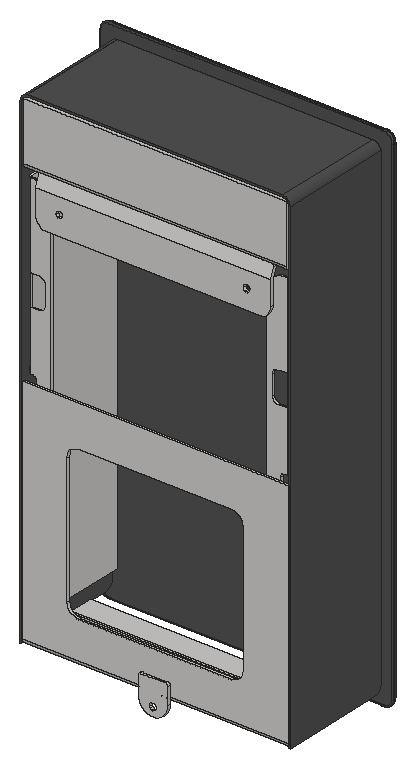
Revit family "DAN DRYER 4114", category Casework, host Wall, Revit 2018
Family settings
  Host = Wall
  OmniClass Number = 23.40.35.00
  OmniClass Title = Casework
  Always vertical = Yes
  Cut with Voids When Loaded = No
  Shared = No
  Room Calculation Point = No
Parameters (values of type "Type 1")
  URL = "https://www.dandryer.com/en-us/products/product-line-loki/4114-loki-sanitary-bin-11-l-black"
  Model = "DAN DRYER Hygiejnespand 11L 4114"
  Manufacturer = "DAN DRYER A/S"
Reference planes
  plane 1: y = 0
  plane 2 "Center (Left/Right)": x = 125
  plane 3 "Back": y = 75
Text (mm)
  text "Placement side" at (-1343.702, 674.496, 0), in view "Ref. Level"
  text "Placement side" at (0, 1232.041, 2958.779), in view "Left"
  text "Placement side" at (0, 590.385, 3035.99), in view "Right"
Dimensions and locks
  locked: plane 3 "Back" to host wall at 0
  aligned and locked: plane 1 to host wall
  aligned and locked: nested 1 to plane 2 "Center (Left/Right)"
  aligned and locked: plane 3 "Back" to nested 1
Nested families
  nested 1: "DAN DRYER 4114" at (125, 77, 500) x (-1, 0, 0) z (0, 0, 1), type "DAN DRYER 4114-LOKI"
Definition of nested family "DAN DRYER 4114"
  Parameters (values of type "DAN DRYER 4114-LOKI")
    Width = 490.818 mm
    Shield = none
    Height = 1284.266 mm
    Depth = 313.871 mm
    Backplate = none
  Reference planes
    plane 1 "Center (Front/Back)": y = 0
    plane 2: z = 0
    plane 3 "Center (Left/Right)": x = 0
    plane 4: z = -28.007
  Forms (mm)
    Extrusion 1, solid, material <- "Shield"
      sketch origin (0, 0, 0) x (1, 0, 0) y (0, 0, 1)
        loop
          line (115, -210) -> (115, 203.5)
          arc (115, 203.5) -> (113.096, 208.096) -> (108.5, 210) r 6.5
          line (108.5, 210) -> (-108.5, 210)
          arc (-108.5, 210) -> (-113.096, 208.096) -> (-115, 203.5) r 6.5
          line (-115, 203.5) -> (-115, -210) -> (-113.5, -210) -> (-113.5, 203.5)
          arc (-113.5, 203.5) -> (-112.036, 207.036) -> (-108.5, 208.5) r 5
          line (-108.5, 208.5) -> (108.5, 208.5)
          arc (108.5, 208.5) -> (112.036, 207.036) -> (113.5, 203.5) r 5
          line (113.5, 203.5) -> (113.5, -210) -> (115, -210)
      from 0 to 96
    Extrusion 2, void
      sketch origin (0, 0, 0) x (0, 1, 0) y (0, 0, 1)
        loop
          line (-96.943, -203) -> (-96.943, -213.536) -> (-89, -213.536) -> (-89, -210)
          arc (-89, -210) -> (-93.95, -207.95) -> (-96, -203) r 7
          line (-96, -203) -> (-96.943, -203)
      from -116.887 to 116.939
    Extrusion 3, solid, material <- "Backplate"
      sketch origin (0, 0, 0) x (0, 1, 0) y (0, 0, 1)
        loop
          line (0, -10) -> (-2, -10) -> (-2, -207)
          arc (-2, -207) -> (-2.293, -207.707) -> (-3, -208) r 1
          line (-3, -208) -> (-72, -208) -> (-72, -210) -> (-3, -210)
          arc (-3, -210) -> (-0.879, -209.121) -> (0, -207) r 3
          line (0, -207) -> (0, -10)
      from -113.5 to 113.5
    Extrusion 4, void
      sketch origin (0, 0, 0) x (1, 0, 0) y (0, 0, 1)
        loop
          line (65, -45) -> (-65, -45)
          arc (-65, -45) -> (-72.071, -47.929) -> (-75, -55) r 10
          line (-75, -55) -> (-75, -165)
          arc (-75, -165) -> (-72.071, -172.071) -> (-65, -175) r 10
          line (-65, -175) -> (65, -175)
          arc (65, -175) -> (72.071, -172.071) -> (75, -165) r 10
          line (75, -165) -> (75, -55)
          arc (75, -55) -> (72.071, -47.929) -> (65, -45) r 10
      from 0 to 2
    Extrusion 5, solid, material <- "Backplate"
      sketch origin (0, 0, 0) x (1, 0, 0) y (0, 1, 0)
        loop
          line (-110.5, -6.443) -> (-109.5, -5.443) -> (109.5, -5.443) -> (110.5, -6.443) -> (110.5, -96.943) -> (112, -96.943) -> (112, -6.443) -> (109.5, -3.943) -> (-109.5, -3.943) -> (-112, -6.443) -> (-112, -96.943) -> (-110.5, -96.943) -> (-110.5, -6.443)
      from -195 to 145
    Extrusion 6, void
      sketch origin (0, 0, 0) x (1, 0, 0) y (0, 0, 1)
        loop
          arc (-106.929, 145) -> (-96.323, 140.607) -> (-91.929, 130) r 15
          line (-91.929, 130) -> (-91.929, -175) -> (92, -175) -> (92, 130)
          arc (92, 130) -> (96.393, 140.607) -> (107, 145) r 15
          line (107, 145) -> (-106.929, 145)
        loop
          arc (-101.656, 45.941) -> (-98.12, 47.405) -> (-96.656, 50.941) r 5
          line (-96.656, 50.941) -> (-96.656, 67.513)
          arc (-96.656, 67.513) -> (-98.12, 71.049) -> (-101.656, 72.513) r 5
          line (-101.656, 72.513) -> (-109.5, 72.513) -> (-109.5, 45.941) -> (-101.656, 45.941)
        loop
          line (101.656, 45.941) -> (109.5, 45.941) -> (109.5, 72.513) -> (101.656, 72.513)
          arc (101.656, 72.513) -> (98.12, 71.049) -> (96.656, 67.513) r 5
          line (96.656, 67.513) -> (96.656, 50.941)
          arc (96.656, 50.941) -> (98.12, 47.405) -> (101.656, 45.941) r 5
        loop
          arc (-104, -8) -> (-104.879, -5.879) -> (-107, -5) r 3
          line (-107, -5) -> (-112, -5) -> (-112, -45) -> (-107, -45)
          arc (-107, -45) -> (-104.879, -44.121) -> (-104, -42) r 3
          line (-104, -42) -> (-104, -8)
        loop
          line (104, -8) -> (104, -42)
          arc (104, -42) -> (104.879, -44.121) -> (107, -45) r 3
          line (107, -45) -> (112, -45) -> (112, -5) -> (107, -5)
          arc (107, -5) -> (104.879, -5.879) -> (104, -8) r 3
      from 0 to 26.932
    Extrusion 7, solid, material <- "Backplate"
      sketch origin (0, 0, 0) x (0, 1, 0) y (0, 0, 1)
        loop
          arc (-2.5, 207) -> (-1.793, 206.707) -> (-1.5, 206) r 1
          line (-1.5, 206) -> (-1.5, 156)
          arc (-1.5, 156) -> (-1.793, 155.293) -> (-2.5, 155) r 1
          line (-2.5, 155) -> (-12, 155) -> (-12, 153.5) -> (-2.5, 153.5)
          arc (-2.5, 153.5) -> (-0.732, 154.232) -> (0, 156) r 2.5
          line (0, 156) -> (0, 206)
          arc (0, 206) -> (-0.732, 207.768) -> (-2.5, 208.5) r 2.5
          line (-2.5, 208.5) -> (-12, 208.5) -> (-12, 207) -> (-2.5, 207)
      from -111.679 to 111.75
    Extrusion 8, solid, material <- "Backplate"
      sketch origin (0, 0, 0) x (0, 1, 0) y (0, 0, 1)
        loop
          line (2, 112.598) -> (2, 142.951) -> (-1.9, 153.666) -> (-1.9, 169.313) -> (-3.9, 169.313) -> (-3.9, 153.313) -> (0, 142.598) -> (0, 112.598) -> (2, 112.598)
      from -100 to 100
    Extrusion 9, void
      sketch origin (0, 0, 0) x (1, 0, 0) y (0, 0, 1)
        loop
          line (-102.12, 110.775) -> (102.88, 110.775) -> (102.88, 170.775) -> (-102.12, 170.775) -> (-102.12, 110.775)
        loop
          arc (-100, 122.598) -> (-97.071, 115.527) -> (-90, 112.598) r 10
          line (-90, 112.598) -> (90, 112.598)
          arc (90, 112.598) -> (97.071, 115.527) -> (100, 122.598) r 10
          line (100, 122.598) -> (100, 151.621)
          arc (100, 151.621) -> (99.45, 152.95) -> (98.121, 153.5) r 1.879
          line (98.121, 153.5) -> (90, 153.5) -> (90, 159.313)
          arc (90, 159.313) -> (87.071, 166.384) -> (80, 169.313) r 10
          line (80, 169.313) -> (60, 169.313)
          arc (60, 169.313) -> (52.929, 166.384) -> (50, 159.313) r 10
          line (50, 159.313) -> (50, 153.5) -> (-50, 153.5) -> (-50, 159.313)
          arc (-50, 159.313) -> (-52.929, 166.384) -> (-60, 169.313) r 10
          line (-60, 169.313) -> (-80, 169.313)
          arc (-80, 169.313) -> (-87.071, 166.384) -> (-90, 159.313) r 10
          line (-90, 159.313) -> (-90, 153.5) -> (-98.121, 153.5)
          arc (-98.121, 153.5) -> (-99.45, 152.95) -> (-100, 151.621) r 1.879
          line (-100, 151.621) -> (-100, 122.598)
        loop
          circle (-79.787, 129.484) r 2.981
        loop
          circle (79.787, 129.484) r 2.981
      from -4.385 to 8.214
    Extrusion 10, solid, material <- "Backplate"
      sketch origin (0, 0, 0) x (1, 0, 0) y (0, 0, 1)
        loop
          line (10.5, -196) -> (-10.5, -196)
          arc (-10.5, -196) -> (-11.914, -196.586) -> (-12.5, -198) r 2
          line (-12.5, -198) -> (-12.5, -213)
          arc (-12.5, -213) -> (0, -225.5) -> (12.5, -213) r 12.5
          line (12.5, -213) -> (12.5, -198)
          arc (12.5, -198) -> (11.914, -196.586) -> (10.5, -196) r 2
        loop
          circle (0, -217.939) r 2.974
      from -2 to 0
  Cuts and joins
    Extrusion 2 cuts Extrusion 1
    Extrusion 4 cuts Extrusion 3
    Extrusion 6 cuts Extrusion 5
    Extrusion 9 cuts Extrusion 8
  Dimensions and locks
    aligned and locked: level to plane 2
    aligned and locked: plane 3 "Center (Left/Right)" to nested 1
  Nested families
    nested 1: "Shield" at (0, -96.943, 0), type "Shield"
      with Width 250 mm, Insert visible no, Height 440 mm, Grove offset bottom 275 mm
  Definition of nested family "Shield"
    Parameters (values of type "Shield")
      Width = 131 mm
      Shield = none
      Insert visible = yes
      Insert = none
      Height = 300 mm
      Grove offset bottom = 24 mm
      Grove length = 136 mm
      Fillet = 8 mm
    Reference planes
      plane 1 "Center (Front/Back)": y = 0
      plane 2: z = 0
      plane 3 "Center (Left/Right)": x = 0
      plane 4: z = 150
      plane 5: z = -150
      plane 6: x = 65.5
      plane 7: x = -65.5
      plane 8: z = -126
      plane 9: z = 10
      plane 10: z = -129
      plane 11: z = 13
      plane 12: z = 17.7
    Forms (mm)
      Extrusion 1, solid, material <- "Shield"
        sketch origin (0, 0, 0) x (1, 0, 0) y (0, 0, 1)
          loop
            arc (-57.5, 150) -> (-63.157, 147.657) -> (-65.5, 142) r 8
            line (-65.5, 142) -> (-65.5, -142)
            arc (-65.5, -142) -> (-63.157, -147.657) -> (-57.5, -150) r 8
            line (-57.5, -150) -> (57.5, -150)
            arc (57.5, -150) -> (63.157, -147.657) -> (65.5, -142) r 8
            line (65.5, -142) -> (65.5, 142)
            arc (65.5, 142) -> (63.157, 147.657) -> (57.5, 150) r 8
            line (57.5, 150) -> (-57.5, 150)
          loop
            arc (-2.15, -126) -> (0, -128.15) -> (2.15, -126) r 2.15
            line (2.15, -126) -> (2.15, 10)
            arc (2.15, 10) -> (0, 12.15) -> (-2.15, 10) r 2.15
            line (-2.15, 10) -> (-2.15, -126)
        from 0 to 3
      Sweep 2, void
        path in 3D
          loop
            arc (-57.5, -3, 150) -> (-63.157, -3, 147.657) -> (-65.5, -3, 142) r 8
            line (-65.5, -3, 142) -> (-65.5, -3, -142)
            arc (-65.5, -3, -142) -> (-63.157, -3, -147.657) -> (-57.5, -3, -150) r 8
            line (-57.5, -3, -150) -> (57.5, -3, -150)
            arc (57.5, -3, -150) -> (63.157, -3, -147.657) -> (65.5, -3, -142) r 8
            line (65.5, -3, -142) -> (65.5, -3, 142)
            arc (65.5, -3, 142) -> (63.157, -3, 147.657) -> (57.5, -3, 150) r 8
            line (57.5, -3, 150) -> (-57.5, -3, 150)
        profile origin (0, -3, 150) x (0, -1, 0) y (0, 0, 1)
          loop
            line (0, 0) -> (-1, 0)
            arc (-1, 0) -> (-0.293, -0.293) -> (0, -1) r 1
            line (0, -1) -> (0, 0)
          loop
            line (-3, 0) -> (-3, -1)
            arc (-3, -1) -> (-2.707, -0.293) -> (-2, 0) r 1
            line (-2, 0) -> (-3, 0)
      Extrusion 3, solid, material <- "Insert", visible <- "Insert visible"
        sketch origin (0, 95.437, 0) x (1, 0, 0) y (0, 1, 0)
          loop
            line (-6.9, -94.3) -> (-6.9, -95.437) -> (6.9, -95.437) -> (6.9, -94.3) -> (-6.9, -94.3)
        from -129 to 13
      Extrusion 4, solid, material <- "Insert", visible <- "Insert visible"
        sketch origin (0, 95.437, 0) x (1, 0, 0) y (0, 1, 0)
          loop
            circle (0, -91.751) r 3.489
          loop
            circle (0, -91.751) r 2.544
        from -129 to 17.7
      Extrusion 5, solid, material <- "Insert", visible <- "Insert visible"
        sketch origin (0, 0, 0) x (1, 0, 0) y (0, 0, 1)
          loop
            arc (-1.9, -126) -> (0, -127.9) -> (1.9, -126) r 1.9
            line (1.9, -126) -> (1.9, 10)
            arc (1.9, 10) -> (0, 11.9) -> (-1.9, 10) r 1.9
            line (-1.9, 10) -> (-1.9, -126)
        from 0 to 2.5
    Cuts and joins
      Sweep 2 cuts Extrusion 1
      joined: Extrusion 3, Extrusion 4
    Lines and regions (mm)
      sketch lines
        curve 1: line (57.5, -3, 150) -> (-57.5, -3, 150)
        curve 2: arc (57.5, -3, 150) -> (63.157, -3, 147.657) -> (65.5, -3, 142) r 8
        curve 3: line (65.5, -3, -142) -> (65.5, -3, 142)
        curve 4: arc (-65.5, -3, 142) -> (-63.157, -3, 147.657) -> (-57.5, -3, 150) r 8
        curve 5: line (-65.5, -3, 142) -> (-65.5, -3, -142)
        curve 6: arc (-57.5, -3, -150) -> (-63.157, -3, -147.657) -> (-65.5, -3, -142) r 8
        curve 7: line (-57.5, -3, -150) -> (57.5, -3, -150)
        curve 8: arc (65.5, -3, -142) -> (63.157, -3, -147.657) -> (57.5, -3, -150) r 8
    Dimensions and locks
      equal spacing: plane 4, level, plane 5
      "Height": plane 4 to plane 5
      equal spacing: plane 6, plane 3 "Center (Left/Right)", plane 7
      "Width": plane 6 to plane 7
      "Grove length": plane 9 to plane 8
      "Grove offset bottom": plane 8 to plane 5
      locked: plane 10 to plane 8 at 3
      locked: plane 9 to plane 11 at 3
      locked: plane 11 to plane 12 at 4.7
      "Fillet": radius of Extrusion 1 sketch curve  (x4)
      aligned and locked: level to plane 2
      aligned and locked: Extrusion 1 sketch curve to plane 6
      aligned and locked: plane 7 to Extrusion 1 sketch curve
      aligned and locked: plane 5 to Extrusion 1 sketch curve
      aligned and locked: Extrusion 1 sketch curve to plane 4
      aligned and locked: Extrusion 3 to plane 10
      aligned and locked: Extrusion 3 to plane 11
      aligned and locked: Extrusion 4 to plane 10
      aligned and locked: Extrusion 4 to plane 12
    Automatic sketch dimensions
      Sweep 2 sketch curve to profile plane = 0 mm  (x3)
      profile plane to Sweep 2 sketch curve = 1 mm
      Sweep 2 sketch curve to Sweep 2 sketch curve = 1 mm  (x2)
      Extrusion 3 sketch curve to plane 3 "Center (Left/Right)" = 6.9 mm
      plane 3 "Center (Left/Right)" to Extrusion 3 sketch curve = 6.9 mm
      plane 1 "Center (Front/Back)" to Extrusion 3 sketch curve = 0 mm
      Extrusion 3 sketch curve to Extrusion 3 sketch curve = 1.137 mm
      Extrusion 4 sketch curve to Extrusion 4 sketch curve = 0 mm  (x2)
      Extrusion 4 sketch curve to plane 3 "Center (Left/Right)" = 0 mm
      Extrusion 4 sketch curve to plane 1 "Center (Front/Back)" = 3.686 mm
      Extrusion 5 sketch curve to plane 9 = 0 mm
      Extrusion 5 sketch curve to plane 8 = 0 mm
      Extrusion 5 sketch curve to plane 3 "Center (Left/Right)" = 0 mm
      Extrusion 5 sketch curve to plane 3 "Center (Left/Right)" = 1.9 mm
      Extrusion 1 sketch curve to plane 9 = 0 mm
      Extrusion 1 sketch curve to plane 8 = 0 mm
      Extrusion 1 sketch curve to plane 3 "Center (Left/Right)" = 0 mm
      Extrusion 1 sketch curve to Extrusion 1 sketch curve = 2.15 mm
      radius of Extrusion 4 sketch curve = 2.544 mm
      radius of Extrusion 4 sketch curve = 3.489 mm
